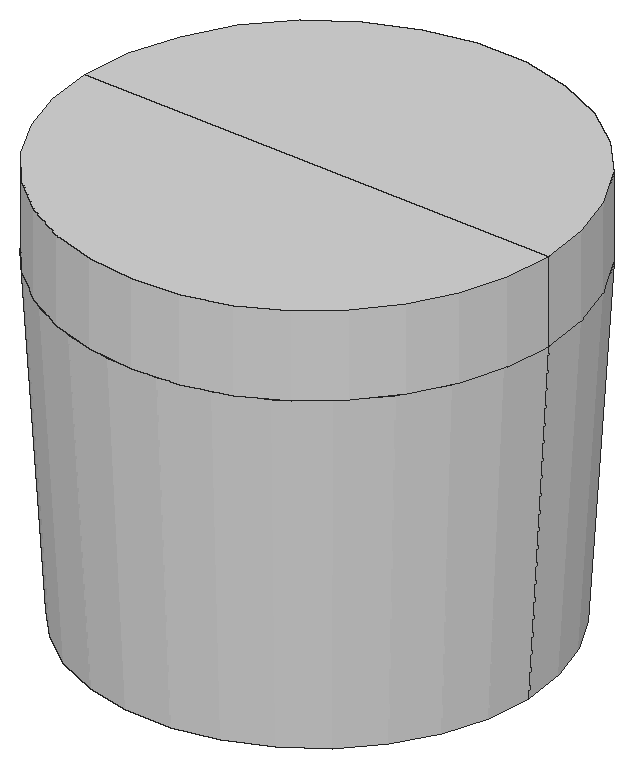
Revit family "EV_PLUG 22_9372784", category Modelos genéricos, Revit 2018
Family settings
  Puede alojar armadura = No
  Cota de conector redondo = Diámetro de uso
  Tipo de pieza = Normal
  Número OmniClass = 35.51.14.00
  Título OmniClass = FORMWORK
  Se basa en plano de trabajo = Sí
  Siempre vertical = No
  Corte con vacíos al cargar = No
  Compartido = Sí
  Punto de cálculo de habitación = No
Parameters
  VERSION = "20170217"  # constant formula
  URL = "www.ulmaconstruction.com/en"
  UNICLASS = ""
  Fabricante = "ULMA CONSTRUCTION"  # constant formula
  ITEM_CODE = "9372784"
  FILTER [instance] = ""
  Default Elevation = 0.000 mm
  CLASSIFICATION_TITLE = ""
  CLASSIFICATION_NUMBER = ""
Reference planes
  plane 1 "Centro (Frontal/Posterior)": y = 0
  plane 2: z = 0
  plane 3 "Centro (Izquierda/Derecha)": x = 0
Forms (mm)
  Revolve 1, solid, material "ULMA PLASTIC GRAY", detail levels medium+fine
    sketch origin (0, 0, 0) x (1, 0, 0) y (0, 0, 1)
      loop
        line (0, 0) -> (-11.5, 0) -> (-11.5, -4) -> (-10.5, -20) -> (0, -20) -> (0, 0)
      axis (0, 0) -> (0, -20)
    angle from 0 to 360
Lines and regions (mm)
  model lines, style "ULMA CONSUMABLES", detail levels medium+fine
    curve 1: circle (0, 0, -20) r 10 normal (0, 0, 1)
Dimensions and locks
  aligned and locked: level to plane 2
